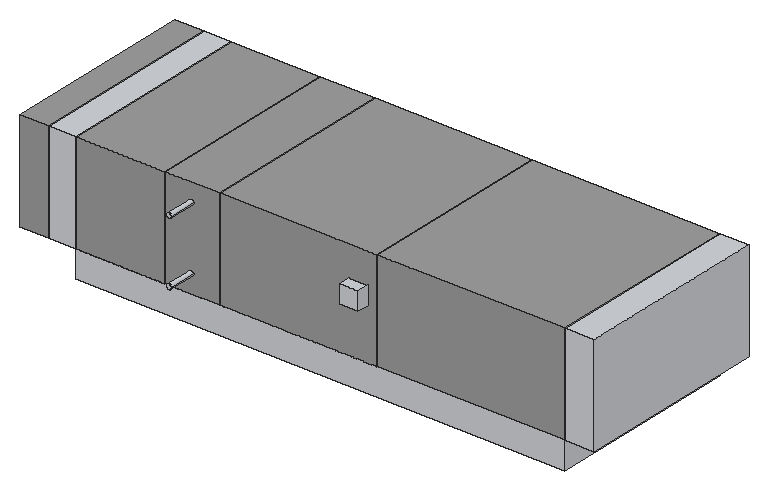
Revit family "Приточная система с водяным нагревом", category Оборудование, Revit 2021
Family settings
  Размер круглого соединителя = Использовать диаметр
  Классификация = Нет
  Тип детали = Нормальный
  На основе рабочей плоскости = Нет
  Всегда вертикально = Да
  При загрузке вырезать с полостями = Нет
  Общий = Нет
  Точка принадлежности помещению = Нет
Parameters (values of type "1А")
  Ширина ГВ = ADSK_Размер_Ширина  # 850 mm
  Сторона обслуживания [instance] = "Справа"
  Слив конденсата = 0 mm
  Подключение нагревателя G [instance] = 20 mm
  Подключение испарителя K [instance] = 0 mm
  Подключение испарителя E = 0 mm
  Отметка по умолчанию = 0 mm
  Длина секции испарителя CF = 0 mm
  Длина гибкой встаки = 125 mm
  Длина секции шумоглушения SL [instance] = 825 mm
  Длина секции нагревателя HW [instance] = 240 mm
  Длина клапана FC = 120 mm
  Длина секции вентилятора FA [instance] = 690 mm
  Длина секции фильтра F [instance] = 390 mm
  Высота рамы = 0 mm
  Высота ГВ = ADSK_Размер_Высота  # 440 mm
  ADSK_Частота вращения двигателя = 2835
  ADSK_Тип воздушного фильтра [instance] = "G3"
  ADSK_Свободный напор воздуха = 400.0 Pa
  ADSK_Расход теплоносителя = 0.68 m³/h
  ADSK_Расход воздуха приточный [instance] = 1200.0 m³/h
  ADSK_Размер_Ширина = 850 mm
  ADSK_Размер_Высота = 440 mm
  ADSK_Полная мощность [instance] = 0.55 kW
  ADSK_Обозначение = "П1.1"
  ADSK_Напряжение = 380 V
  ADSK_Наименование краткое [instance] = "1А"
  ADSK_Масса = 187
Types (16, lengths in mm): name | Ширина ГВ | Подключение нагревателя G | Длина секции шумоглушения SL | Длина секции нагревателя HW | Длина секции вентилятора FA | Высота рамы | Высота ГВ | ADSK_Частота вращения двигателя | ADSK_Расход теплоносителя | ADSK_Расход воздуха приточный | ADSK_Размер_Ширина | ADSK_Размер_Высота | ADSK_Полная мощность | ADSK_Обозначение | ADSK_Наименование краткое | ADSK_Масса
  1А | 850 | 20 | 825 | 240 | 690 | 0 | 440 | 2835 | 0.68 m³/h | 1200.0 m³/h | 850 | 440 | 0.55 kW | "П1.1" | "1А" | 187
  2А | 980 | 20 | 825 | 240 | 690 | 0 | 505 | 2805 | 1.25 m³/h | 2200.0 m³/h | 980 | 505 | 0.75 kW | "П1.2" | "2A" | 216
  16B | 2580 | 65 | 862 | 336 | 2120 | 120 | 2580 | 1465 | 20.17 m³/h | 35500.0 m³/h | 2580 | 2580 | 18.5 kW | "П1.16" | "16B" | 1353
  3A | 1080 | 20 | 825 | 240 | 740 | 0 | 695 | 2830 | 1.99 m³/h | 3500.0 m³/h | 1080 | 695 | 1.1 kW | "П1.3" | "3А" | 257
  4A | 1360 | 25 | 825 | 240 | 820 | 0 | 695 | 2880 | 3.12 m³/h | 5500.0 m³/h | 1360 | 695 | 2.2 kW | "П1.4" | "4A" | 306
  5A | 1360 | 32 | 825 | 240 | 1100 | 0 | 803 | 1455 | 3.69 m³/h | 6500.0 m³/h | 1360 | 803 | 2.2 kW | "П1.5" | "5A" | 349
  6A | 1580 | 32 | 825 | 240 | 900 | 0 | 803 | 2945 | 4.26 m³/h | 7500.0 m³/h | 1580 | 803 | 4.0 kW | "П1.6" | "6A" | 375
  7A | 1580 | 32 | 825 | 240 | 1380 | 0 | 990 | 1455 | 4.83 m³/h | 8500.0 m³/h | 1580 | 990 | 2.2 kW | "П1.7" | "7A" | 454.7
  8A | 1950 | 32 | 825 | 240 | 1350 | 0 | 990 | 1455 | 5.4 m³/h | 9500.0 m³/h | 1950 | 990 | 3.0 kW | "П1.8" | "8A" | 501
  9A | 2160 | 32 | 825 | 240 | 1380 | 0 | 1095 | 1455 | 5.96 m³/h | 10500.0 m³/h | 2160 | 1095 | 3.0 kW | "П1.9" | "9A" | 567
  10B | 2040 | 40 | 862 | 281 | 1460 | 0 | 1360 | 1460 | 7.67 m³/h | 13500.0 m³/h | 2040 | 1360 | 4.0 kW | "П1.10" | "10B" | 670
  12B | 2040 | 50 | 862 | 305 | 1675 | 0 | 1680 | 1470 | 11.65 m³/h | 20500.0 m³/h | 2040 | 1680 | 11.0 kW | "П1.12" | "12B" | 825
  11B | 2580 | 65 | 862 | 336 | 1635 | 0 | 1360 | 1465 | 9.94 m³/h | 17500.0 m³/h | 2580 | 1360 | 7.5 kW | "П1.11" | "11B" | 829
  13B | 2040 | 50 | 862 | 305 | 1945 | 0 | 2040 | 1470 | 12.78 m³/h | 22500.0 m³/h | 2040 | 2040 | 11.0 kW | "П1.13" | "13B" | 960
  14B | 2580 | 65 | 862 | 336 | 1945 | 0 | 1680 | 1470 | 13.92 m³/h | 24500.0 m³/h | 2580 | 1680 | 11.0 kW | "П1.14" | "14B" | 994
  15B | 2580 | 65 | 862 | 336 | 1945 | 0 | 2040 | 1470 | 15.05 m³/h | 2650.0 m³/h | 2580 | 2040 | 11.0 kW | "П1.15" | "15B" | 994
Reference planes
  plane 1 "По центру (Вперед/Назад)": y = 0
  plane 2: z = -120
  plane 3 "По центру (Влево/Вправо)": x = 0
  plane 4 "Ширина": y = -850
  plane 5: x = 510
  plane 6 "Высота": z = 320
  plane 7: x = 750
  plane 8: x = 1440
  plane 9: x = 2265
  plane 10: x = 0
  plane 11: x = -125
  plane 12: x = 2265
  plane 13: z = -120
  plane 14: z = -120
  plane 15: x = 2390
  plane 16: x = 0
  plane 17 "клапан": x = 120
  plane 18 "Рама": z = -240
Forms (mm)
  Extrusion 1, solid, material "По умолчанию"
    sketch origin (0, 0, 0) x (1, 0, 0) y (0, 0, 1)
      loop
        line (120, -120) -> (510, -120) -> (510, 320) -> (120, 320) -> (120, -120)
    from 0 <- "Отметка по умолчанию" to 850 <- "ADSK_Размер_Ширина"
  Extrusion 2, solid, material "По умолчанию"
    sketch origin (390, 0, 0) x (1, 0, 0) y (0, 0, 1)
      loop
        line (120, -120) -> (360, -120) -> (360, 320) -> (120, 320) -> (120, -120)
    from 0 to 850 <- "ADSK_Размер_Ширина"
  Extrusion 3, solid, material "По умолчанию"
    sketch origin (910, 0, 0) x (1, 0, 0) y (0, 0, 1)
      loop
        line (-160, -120) -> (530, -120) -> (530, 320) -> (-160, 320) -> (-160, -120)
    from 0 to 850 <- "ADSK_Размер_Ширина"
  Extrusion 4, solid, material "По умолчанию"
    sketch origin (1570, 0, 0) x (1, 0, 0) y (0, 0, 1)
      loop
        line (-130, -120) -> (695, -120) -> (695, 320) -> (-130, 320) -> (-130, -120)
    from 0 to 850 <- "ADSK_Размер_Ширина"
  Extrusion 5, solid, material "По умолчанию"
    sketch origin (-570, 0, 0) x (1, 0, 0) y (0, 0, 1)
      loop
        line (570, 320) -> (445, 320) -> (445, -120) -> (570, -120) -> (570, 320)
    from 0 to 850 <- "Ширина ГВ"
  Extrusion 6, solid
    sketch origin (610, -850, 0) x (1, 0, 0) y (0, 0, 1)
      loop
        circle (15, -40) r 10
      loop
        circle (15, 240) r 10
    from 0 to 120
  Extrusion 7, solid
    sketch origin (900, -850, 0) x (1, 0, 0) y (0, 0, 1)
      loop
        line (418.169, 185) -> (418.169, 105) -> (498.169, 105) -> (498.169, 185) -> (418.169, 185)
    from 0 to 50
  Extrusion 8, solid
    sketch origin (0, 0, 0) x (1, 0, 0) y (0, 0, 1)
      loop
        line (2390, -120) -> (2390, 320) -> (2265, 320) -> (2265, -120) -> (2390, -120)
    from 0 to 850 <- "Ширина ГВ"
  Extrusion 9, solid
    sketch origin (0, -850, 0) x (-1, 0, 0) y (0, 0, 1)
      loop
        line (0, -120) -> (0, 320) -> (-120, 320) -> (-120, -120) -> (0, -120)
    from 0 to 850 <- "ADSK_Размер_Ширина"
  Extrusion 10, solid
    sketch origin (0, 0, 0) x (1, 0, 0) y (0, 0, 1)
      loop
        line (120, -240) -> (2265, -240) -> (2265, -120) -> (120, -120) -> (120, -240)
    from 0 to 850 <- "ADSK_Размер_Ширина"
Dimensions and locks
  Extrusion 1 sketch curve to Extrusion 1 sketch curve = 440 mm
  "ADSK_Размер_Высота": level to plane 6 "Высота"
  "Длина секции нагревателя HW": plane 7 to plane 5
  "Длина секции вентилятора FA": plane 8 to plane 7
  "Длина секции шумоглушения SL": plane 9 to plane 8
  Extrusion 2 sketch curve to Extrusion 2 sketch curve = 440 mm
  Extrusion 3 sketch curve to Extrusion 3 sketch curve = 440 mm
  Extrusion 4 sketch curve to Extrusion 4 sketch curve = 440 mm
  "ADSK_Размер_Ширина": plane 1 "По центру (Вперед/Назад)" to plane 4 "Ширина"
  plane 3 "По центру (Влево/Вправо)" to plane 10 = 0 mm
  "Длина гибкой встаки": plane 10 to plane 11
  locked: plane 6 "Высота" to Extrusion 6 sketch curve at 80
  locked: Extrusion 6 sketch curve to level at 80
  equal spacing: plane 7, Extrusion 6 sketch curve, plane 5  (x2)
  locked: Extrusion 7 sketch curve to Extrusion 7 sketch curve at 80  (x2)
  locked: plane 6 "Высота" to Extrusion 7 sketch curve at 135
  plane 8 to Extrusion 7 sketch curve = 41.831 mm
  locked: plane 4 "Ширина" to Extrusion 7 at 50
  level to plane 14 = 0 mm
  "Высота ГВ": Extrusion 5 sketch curve to Extrusion 5 sketch curve
  "Длина гибкой встаки": plane 15 to plane 12
  "Высота ГВ": Extrusion 8 sketch curve to Extrusion 8 sketch curve
  Extrusion 8 sketch curve to level = 0 mm
  "Длина секции испарителя CF": plane 16 to plane 3 "По центру (Влево/Вправо)"
  level to Extrusion 1 = 440 mm
  "Длина клапана FC": plane 17 "клапан" to plane 16
  "Длина секции фильтра F": plane 5 to plane 17 "клапан"
  Extrusion 5 to Extrusion 9 to Extrusion 9 to Extrusion 2 to Extrusion 3 to Extrusion 4 to Extrusion 8 to Extrusion 8 = 125 mm, 120 mm, 390 mm, 240 mm, 690 mm, 825 mm, 125 mm
  "Подключение нагревателя G": diameter of Extrusion 6 sketch curve  (x2)
  aligned and locked: level to plane 2
  aligned and locked: plane 5 to Extrusion 1
  aligned and locked: plane 6 "Высота" to Extrusion 1
  aligned and locked: Extrusion 1 to level
  aligned and locked: Extrusion 1 to plane 4 "Ширина"
  aligned and locked: plane 7 to Extrusion 2
  aligned and locked: plane 8 to Extrusion 3
  aligned and locked: plane 9 to Extrusion 4
  aligned and locked: Extrusion 2 to Extrusion 1  (x2)
  aligned and locked: Extrusion 3 to plane 7
  aligned and locked: Extrusion 4 to plane 8
  aligned and locked: Extrusion 4 to Extrusion 1
  aligned and locked: Extrusion 3 to Extrusion 1
  aligned and locked: Extrusion 1 to Extrusion 2
  aligned and locked: Extrusion 1 to Extrusion 3
  aligned and locked: Extrusion 1 to Extrusion 4
  aligned and locked: Extrusion 2 to level
  aligned and locked: Extrusion 3 to level
  aligned and locked: Extrusion 4 to level
  aligned and locked: plane 4 "Ширина" to Extrusion 7
  aligned and locked: plane 10 to Extrusion 5 sketch curve
  aligned and locked: Extrusion 5 sketch curve to plane 11
  aligned and locked: Extrusion 8 sketch curve to plane 15
  aligned and locked: plane 12 to Extrusion 8 sketch curve
  aligned and locked: level to Extrusion 5 sketch curve
  aligned and locked: Extrusion 1 to plane 17 "клапан"
  aligned and locked: plane 9 to plane 12
  aligned and locked: Extrusion 5 to Extrusion 9 sketch curve
  aligned and locked: Extrusion 9 sketch curve to Extrusion 5
  aligned and locked: Extrusion 1 to Extrusion 9 sketch curve
  aligned and locked: Extrusion 9 sketch curve to Extrusion 1
  aligned and locked: Extrusion 10 sketch curve to plane 18 "Рама"
  aligned and locked: Extrusion 10 sketch curve to level
  aligned and locked: Extrusion 10 sketch curve to plane 17 "клапан"
  aligned and locked: plane 9 to Extrusion 10 sketch curve
Automatic sketch dimensions
  plane 3 "По центру (Влево/Вправо)" to Extrusion 1 sketch curve = 120 mm
  Extrusion 1 sketch curve to plane 5 = 0 mm
  Extrusion 1 sketch curve to level = 0 mm
  Extrusion 2 sketch curve to plane 5 = 0 mm
  Extrusion 2 sketch curve to plane 6 "Высота" = 0 mm
  Extrusion 2 sketch curve to plane 7 = 0 mm
  Extrusion 3 sketch curve to plane 6 "Высота" = 0 mm
  Extrusion 3 sketch curve to plane 7 = 0 mm
  Extrusion 3 sketch curve to plane 8 = 0 mm
  Extrusion 4 sketch curve to plane 6 "Высота" = 0 mm
  Extrusion 4 sketch curve to plane 8 = 0 mm
  Extrusion 4 sketch curve to plane 9 = 0 mm
  Extrusion 6 sketch curve to Extrusion 2 = 125 mm  (x2)
Connectors
  electrical at (1358.169, -900, 145), driven by "ADSK_Полная мощность"
    settings: on Extrusion 7, index 3, voltage 380 V, apparent load 0.0 kW, apparent load phase1 0.55 kW, apparent load phase2 0.0 kW, apparent load phase3 0.0 kW, power factor 1, load classification "Прочее", number of poles 1, system type 31, power factor state 1, is connector primary yes, connector utility no, sub classification motor yes, connector description ""
  hvac at (-125, -425, 100), driven by "Высота ГВ", driven by "Ширина ГВ", driven by "ADSK_Расход воздуха приточный"
    settings: on Extrusion 5, index 4, duct flow 1200.0 m³/h, flow factor 0, pres drop 0.0 Pa, loss coef 0, conn angle 0.00°, conn width 850 mm, conn height 440 mm, conn diameter 609.6 mm, duct sys type 1, conn prof type 1, flow config 0, flow direction 2, loss method 0, conn ref index -1, conn util yes, is conn primary yes, conn desc ""
  hvac at (2390, -425, 100), driven by "Высота ГВ", driven by "Ширина ГВ", driven by "ADSK_Расход воздуха приточный"
    settings: on Extrusion 8, index 5, duct flow 1200.0 m³/h, flow factor 0, pres drop 0.0 Pa, loss coef 0, conn angle 0.00°, conn width 850 mm, conn height 440 mm, conn diameter 609.6 mm, duct sys type 1, conn prof type 1, flow config 0, flow direction 1, loss method 0, conn ref index -1, conn util yes, is conn primary no, conn desc ""
  piping at (625, -970, 240), diameter 20, driven by "Подключение нагревателя G", driven by "ADSK_Расход теплоносителя"
    settings: on Extrusion 6, index 6, connector inside diameter 609.6 mm, connector length 0 mm, flow factor 0, pipe flow 0.68 m³/h, pressure drop 0.0 Pa, fitting loss kfactor 0, connector angle 0.00°, fixture units 0, engagement length 0 mm, angle of deflection 0.00°, flow configuration 0, flow direction 0, fitting loss method 0, system type 19, joint type 0, gender type 0, connector reference index -1, connector utility 0, adjustable connector no, is connector primary yes, connector description ""
  piping at (625, -970, -40), diameter 20, driven by "Подключение нагревателя G", driven by "ADSK_Расход теплоносителя"
    settings: on Extrusion 6, index 7, connector inside diameter 609.6 mm, connector length 0 mm, flow factor 0, pipe flow 0.68 m³/h, pressure drop 0.0 Pa, fitting loss kfactor 0, connector angle 0.00°, fixture units 0, engagement length 0 mm, angle of deflection 0.00°, flow configuration 0, flow direction 0, fitting loss method 0, system type 19, joint type 0, gender type 0, connector reference index -1, connector utility 0, adjustable connector no, is connector primary no, connector description ""
